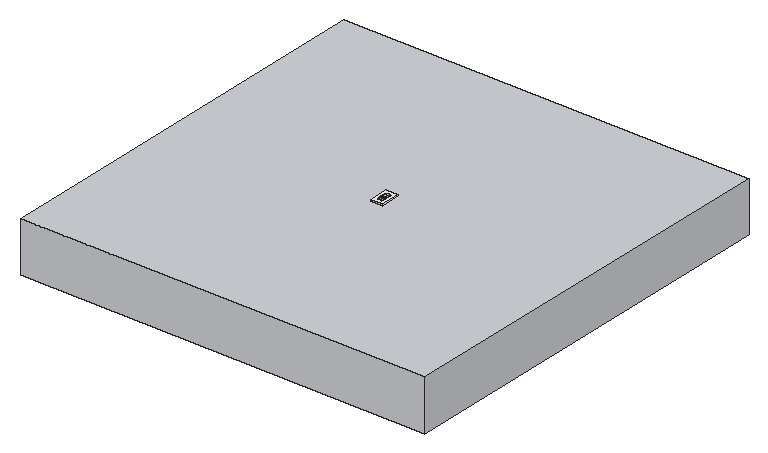
Revit family
Parameters (values of type "Standard")
  Wallstation Material = Plastic - Lutron - White
  Version = 1
  URL = "http://www.lutron.com"
  Series = "seeTouch"
  Product URL = "http://www.lutron.com/PRODUCTS/COMPONENTS/SEETOUCHWALLSTATION/Pages/Overview.aspx"
  Overall Width = 0' - 2 3/4"
  Overall Height = 0' - 4 9/16"
  Overall Depth = 0' - 1 3/8"
  Model = "SQA-3DN-WH-E01"
  Manufacturer Complete Model Number [instance] = ""
  Manufacturer = "Lutron Electronics"  # constant formula
  Label = "SC"
  Description = "Low Voltage 6 Button Wallstation for Dual Shades or 2 Group Applications"
  Default Elevation = 4' - 0"
  Copyright = "© 2010 Lutron Electronics Co., Inc."  # constant formula
  CADworks URL = "http://www.CADworks.net"
  Assembly Code = "D5020120"
Reference planes (in)
  plane 1 "Center (Front/Back)": y = 0
  plane 2: z = 0
  plane 3 "Center (Left/Right)": x = 0
  plane 4: x = -1.375
  plane 5: x = 1.375
  plane 6: y = 2.28125
  plane 7: y = -2.28125
  plane 8: z = 0.3125
  plane 9: z = -1.0625
  plane 10: z = -0.75
  plane 11: z = 0.4925
  plane 12: z = 0.4025
  plane 13: z = 0.5825
Forms (in)
  Extrusion 1, solid
    sketch origin (0, 0, 0) x (1, 0, 0) y (0, 1, 0)
      loop
        line (-48, 48) -> (-48, -48) -> (48, -48) -> (48, 48) -> (-48, 48)
    from 0 to -12
  Extrusion 2, solid, material "Plastic - Lutron - White" <- "Wallstation Material"
    sketch origin (0, 0, 0) x (1, 0, 0) y (0, 1, 0)
      loop
        line (-1.375, 2.28125) -> (-1.375, -2.28125) -> (1.375, -2.28125) -> (1.375, 2.28125) -> (-1.375, 2.28125)
    from 0 to 0.3125
  Extrusion 3, solid, material "Plastic - Lutron - White" <- "Wallstation Material", detail levels fine
    sketch origin (0, 0, 0) x (1, 0, 0) y (0, 1, 0)
      loop
        arc (-0.68031, 1.37) -> (-0.80737, 1.31737) -> (-0.86, 1.19031) r 0.17969
        line (-0.86, 1.19031) -> (-0.86, -1.19031)
        arc (-0.86, -1.19031) -> (-0.80737, -1.31737) -> (-0.68031, -1.37) r 0.17969
        line (-0.68031, -1.37) -> (0.68031, -1.37)
        arc (0.68031, -1.37) -> (0.80737, -1.31737) -> (0.86, -1.19031) r 0.17969
        line (0.86, -1.19031) -> (0.86, 1.19031)
        arc (0.86, 1.19031) -> (0.80737, 1.31737) -> (0.68031, 1.37) r 0.17969
        line (0.68031, 1.37) -> (-0.68031, 1.37)
    from -0.75 to 0
  Extrusion 4, solid, material "Plastic - Lutron - White" <- "Wallstation Material", detail levels fine
    sketch origin (0, 0, 0) x (1, 0, 0) y (0, 1, 0)
      loop
        line (0.1, 1.2) -> (0.1, 0.41) -> (0.71, 0.41) -> (0.71, 1.2) -> (0.1, 1.2)
      loop
        line (-0.02, -0.47) -> (-0.02, -1.06) -> (0.61, -1.06) -> (0.61, -0.47) -> (-0.02, -0.47)
    from -1.0625 to -0.75
  Extrusion 5, void
    sketch origin (0, 0, 0) x (1, 0, 0) y (0, 1, 0)
      loop
        line (-0.465, 0.16) -> (0.465, 0.16) -> (0.465, 1.19969) -> (-0.465, 1.19969) -> (-0.465, 0.16)
      loop
        line (-0.465, -1.19969) -> (0.465, -1.19969) -> (0.465, -0.16) -> (-0.465, -0.16) -> (-0.465, -1.19969)
    from 0.25 to 0.3125
  Extrusion 6, void
    sketch origin (0, 0, 0) x (0, 1, 0) y (0, 0, 1)
      loop
        arc (-0.16984, 0.42038) -> (0, 0.4925) -> (0.16984, 0.42038) r 0.23605
        arc (0.16984, 0.42038) -> (0.33969, 0.4925) -> (0.50953, 0.42038) r 0.23605
        arc (0.50953, 0.42038) -> (0.67937, 0.4925) -> (0.84922, 0.42038) r 0.23605
        arc (0.84922, 0.42038) -> (1.01906, 0.4925) -> (1.18891, 0.42038) r 0.23605
        line (1.18891, 0.42038) -> (1.30406, 0.42038) -> (1.30406, 0.6175) -> (-1.30406, 0.6175) -> (-1.30406, 0.42038) -> (-1.18891, 0.42038)
        arc (-1.18891, 0.42038) -> (-1.01906, 0.4925) -> (-0.84922, 0.42038) r 0.23605
        arc (-0.84922, 0.42038) -> (-0.67938, 0.4925) -> (-0.50953, 0.42038) r 0.23605
        arc (-0.50953, 0.42038) -> (-0.33969, 0.4925) -> (-0.16984, 0.42038) r 0.23605
    from -1.375 to 1.375
  Extrusion 7, solid, material "Plastic - Lutron - White" <- "Wallstation Material", detail levels medium+fine
    sketch origin (0, 1.02, 0) x (1, 0, 0) y (0, 1, 0)
      loop
        line (-0.44, 0.16) -> (-0.44, -0.16) -> (0.44, -0.16) -> (0.44, 0.16) -> (-0.44, 0.16)
      loop
        line (-0.44, -2.2) -> (0.44, -2.2) -> (0.44, -1.88) -> (-0.44, -1.88) -> (-0.44, -2.2)
      loop
        line (-0.44, -1.86) -> (0.44, -1.86) -> (0.44, -1.54) -> (-0.44, -1.54) -> (-0.44, -1.86)
      loop
        line (-0.44, -1.52) -> (0.44, -1.52) -> (0.44, -1.2) -> (-0.44, -1.2) -> (-0.44, -1.52)
      loop
        line (-0.44, -0.84) -> (0.44, -0.84) -> (0.44, -0.52) -> (-0.44, -0.52) -> (-0.44, -0.84)
      loop
        line (-0.44, -0.5) -> (0.44, -0.5) -> (0.44, -0.18) -> (-0.44, -0.18) -> (-0.44, -0.5)
    from 0.25 to 0.4925
  Extrusion 8, void
    sketch origin (0, 1.02, 0) x (1, 0, 0) y (0, 1, 0)
      loop
        circle (-0.34, 0) r 0.03125
      loop
        circle (-0.34, -2.04) r 0.03125
      loop
        circle (-0.34, -1.7) r 0.03125
      loop
        circle (-0.34, -1.36) r 0.03125
      loop
        circle (-0.34, -0.68) r 0.03125
      loop
        circle (-0.34, -0.34) r 0.03125
    from 0.4025 to 0.5825
Cuts and joins
  Extrusion 5 cuts Extrusion 2
  Extrusion 5 cuts Extrusion 3
  Extrusion 6, Extrusion 8 cuts Extrusion 7
Lines and regions (in)
  symbolic lines, detail levels fine
    curve 1: line (-1.375, 0, 0.3125) -> (1.375, 0, 0.3125)
    curve 2: line (-1.375, 0, 0) -> (-1.375, 0, 0.3125)
    curve 3: line (1.375, 0, 0.3125) -> (1.375, 0, 0)
    curve 4: line (-0.44, 0, 0.4925) -> (0.44, 0, 0.4925)
    curve 5: line (-0.44, 0, 0.3125) -> (-0.44, 0, 0.4925)
    curve 6: line (0.44, 0, 0.4925) -> (0.44, 0, 0.3125)
    curve 7: line (-1.375, 0, 0) -> (1.375, 0, 0)
Dimensions and locks (in)
  equal spacing: plane 4, plane 3 "Center (Left/Right)", plane 5
  "Overall Width": plane 4 to plane 5
  equal spacing: plane 7, plane 1 "Center (Front/Back)", plane 6
  "Overall Height": plane 6 to plane 7
  locked: plane 8 to plane 2 at 0.3125
  "Overall Depth": plane 8 to plane 9
  locked: plane 2 to plane 10 at 0.75
  locked: Extrusion 3 sketch curve to Extrusion 3 sketch curve at 1.72
  equal spacing: Extrusion 3 sketch curve, plane 3 "Center (Left/Right)", Extrusion 3 sketch curve
  locked: Extrusion 3 sketch curve to Extrusion 3 sketch curve at 2.74
  equal spacing: Extrusion 3 sketch curve, plane 1 "Center (Front/Back)", Extrusion 3 sketch curve
  locked: plane 1 "Center (Front/Back)" to Extrusion 4 sketch curve at 0.41
  locked: Extrusion 4 sketch curve to Extrusion 4 sketch curve at 0.79
  locked: Extrusion 4 sketch curve to plane 1 "Center (Front/Back)" at 0.47
  locked: Extrusion 4 sketch curve to Extrusion 4 sketch curve at 0.59
  locked: plane 3 "Center (Left/Right)" to Extrusion 4 sketch curve at 0.61
  locked: Extrusion 4 sketch curve to Extrusion 4 sketch curve at 0.63
  locked: plane 3 "Center (Left/Right)" to Extrusion 4 sketch curve at 0.71
  locked: Extrusion 4 sketch curve to Extrusion 4 sketch curve at 0.61
  locked: cut or joined group of Extrusion 2, Extrusion 5 to plane 9 at 1.3125
  locked: plane 11 to plane 8 at 0.18
  locked: plane 1 "Center (Front/Back)" to Extrusion 6 sketch curve at 0
  locked: Extrusion 6 sketch curve to plane 9 at 1.68
  locked: Extrusion 6 sketch curve to Extrusion 6 sketch curve at 2.60812
  equal spacing: Extrusion 6 sketch curve, plane 1 "Center (Front/Back)", Extrusion 6 sketch curve
  locked: Extrusion 6 sketch curve to plane 9 at 1.48288
  equal spacing: Extrusion 6 sketch curve, Extrusion 6 sketch curve, Extrusion 6 sketch curve, Extrusion 6 sketch curve, Extrusion 6 sketch curve, Extrusion 6 sketch curve, Extrusion 6 sketch curve, Extrusion 6 sketch curve
  plane 11 to Extrusion 6 sketch curve to Extrusion 6 sketch curve to Extrusion 6 sketch curve to Extrusion 6 sketch curve to Extrusion 6 sketch curve to Extrusion 6 sketch curve to Extrusion 6 sketch curve = 0' - 0" locked, 0' - 0" locked, 0' - 0" locked, 0' - 0" locked, 0' - 0" locked, 0' - 0" locked, 0' - 0" locked
  equal spacing: plane 11, Extrusion 8, plane 8
  equal spacing: Extrusion 8, plane 11, Extrusion 8
  equal spacing: plane 13, plane 11, plane 12
  locked: plane 12 to plane 13 at 0.18
  equal spacing: Extrusion 5 sketch curve, plane 3 "Center (Left/Right)", Extrusion 5 sketch curve
  locked: Extrusion 5 sketch curve to Extrusion 5 sketch curve at 0.93
  plane 7 to Extrusion 5 sketch curve to Extrusion 5 sketch curve = 0' - 2.44125" locked, 0' - 1.03969" locked
  plane 6 to Extrusion 5 sketch curve to Extrusion 5 sketch curve = 0' - 2.44125" locked, 0' - 1.03969" locked
  equal spacing: Extrusion 7 sketch curve, plane 3 "Center (Left/Right)", Extrusion 7 sketch curve
  locked: Extrusion 7 sketch curve to Extrusion 7 sketch curve at 0.88
  plane 7 to Extrusion 7 sketch curve to Extrusion 7 sketch curve to Extrusion 7 sketch curve to Extrusion 7 sketch curve to Extrusion 7 sketch curve to Extrusion 7 sketch curve = 0' - 2.46125" locked, 0' - 0.32" locked, 0' - 0.02" locked, 0' - 0.32" locked, 0' - 0.02" locked, 0' - 0.32" locked
  plane 6 to Extrusion 7 sketch curve to Extrusion 7 sketch curve to Extrusion 7 sketch curve to Extrusion 7 sketch curve to Extrusion 7 sketch curve to Extrusion 7 sketch curve = 0' - 2.46125" locked, 0' - 0.32" locked, 0' - 0.02" locked, 0' - 0.32" locked, 0' - 0.02" locked, 0' - 0.32" locked
  Extrusion 8 sketch curve to Extrusion 8 sketch curve to Extrusion 8 sketch curve to Extrusion 8 sketch curve to Extrusion 8 sketch curve to Extrusion 8 sketch curve to plane 5 = 0' - 0" locked, 0' - 0" locked, 0' - 0" locked, 0' - 0" locked, 0' - 0" locked, 0' - 1.715" locked
  plane 7 to Extrusion 8 sketch curve to Extrusion 8 sketch curve to Extrusion 8 sketch curve = 0' - 2.62125" locked, 0' - 0.34" locked, 0' - 0.34" locked
  plane 6 to Extrusion 8 sketch curve to Extrusion 8 sketch curve to Extrusion 8 sketch curve = 0' - 2.62125" locked, 0' - 0.34" locked, 0' - 0.34" locked
  radius of Extrusion 3 sketch curve = 0' - 0 23/128"  (x4)
  radius of Extrusion 8 sketch curve = 0' - 0 1/32"  (x6)
  aligned and locked: plane 2 to Extrusion 1
  aligned and locked: level to Extrusion 1
  aligned and locked: Extrusion 2 sketch curve to plane 6
  aligned and locked: plane 4 to Extrusion 2 sketch curve
  aligned and locked: Extrusion 2 sketch curve to plane 7
  aligned and locked: Extrusion 2 sketch curve to plane 5
  aligned and locked: Extrusion 2 to plane 2
  aligned and locked: plane 8 to Extrusion 2
  aligned and locked: Extrusion 3 to plane 10
  aligned and locked: plane 2 to Extrusion 3
  aligned and locked: Extrusion 4 to plane 9
  aligned and locked: plane 10 to Extrusion 4
  aligned and locked: plane 8 to cut or joined group of Extrusion 2, Extrusion 5
  aligned and locked: Extrusion 6 sketch curve to Extrusion 6 sketch curve
  aligned and locked: plane 4 to curve 2
  aligned and locked: curve 1 to plane 8
  aligned and locked: curve 3 to plane 5
  aligned and locked: curve 4 to plane 11
  aligned and locked: plane 11 to Extrusion 7
  aligned: Extrusion 8 to plane 8
  aligned and locked: Extrusion 7 sketch curve to Extrusion 7 sketch curve  (x10)
  aligned: plane 11 to Extrusion 8
  aligned and locked: Extrusion 8 to plane 13
  aligned and locked: plane 12 to Extrusion 8
  aligned and locked: Extrusion 5 sketch curve to Extrusion 5 sketch curve  (x2)
  aligned and locked: plane 5 to Extrusion 6
  aligned and locked: Extrusion 6 to plane 4
  aligned and locked: cut or joined group of Extrusion 2, Extrusion 5 to cut or joined group of Extrusion 6, Extrusion 7, Extrusion 8
  aligned and locked: plane 1 "Center (Front/Back)" to nested 1
  aligned and locked: plane 3 "Center (Left/Right)" to nested 1
  aligned and locked: curve 7 to plane 2
  aligned and locked: curve 5 to cut or joined group of Extrusion 6, Extrusion 7, Extrusion 8
  aligned and locked: curve 6 to cut or joined group of Extrusion 6, Extrusion 7, Extrusion 8
Automatic sketch dimensions
  Extrusion 1 sketch curve to Extrusion 1 sketch curve = 8' - 0"  (x2)
  Extrusion 6 sketch curve to Extrusion 6 sketch curve = 0' - 0.11516"
  Extrusion 6 sketch curve to plane 8 = 0' - 0.05605"  (x5)
  Extrusion 6 sketch curve to Extrusion 6 sketch curve = 0' - 0.16984"
Nested families (in)
  nested 1: "Switch Annotation" at (0, 0, 0), type "Switch Annotation", detail levels coarse+medium
Connectors (in)
  electrical at (0, 1.37, -0.375)
    settings: on cut or joined group of Extrusion 3, Extrusion 5, index 1, voltage 0 V, apparent load 0 VA, apparent load phase1 0 VA, apparent load phase2 0 VA, apparent load phase3 0 VA, power factor 1, load classification "Other", number of poles 1, system type 13, power factor state 1, is connector primary yes, connector utility no, sub classification motor no, connector description "Control Connection"
Definition of nested family "Switch Annotation"
  Parameters (values of type "Switch Annotation")
    Label = "LC"
  Reference planes (in)
    plane 1: y = 0
    plane 2: x = 0
  Lines and regions (in)
    detail lines
      curve 1: line (0, 0.125, 0) -> (0, 0, 0)
      curve 3: arc (0.01506, 0.11153, 0) -> (-0.02442, 0.09683, 0) -> (0, 0.0625, 0) r 0.02655
      curve 4: arc (0, 0.0625, 0) -> (0.01543, 0.02147, 0) -> (-0.02827, 0.02483, 0) r 0.02599
    reference lines
      curve 2: line (0, 0.0625, 0) -> (-0.11983, 0.0625, 0)
      curve 5: line (0.10095, -0.04722, 0) -> (0.10095, 0.09386, 0)
      curve 6: line (0.10095, -0.04722, 0) -> (0.28349, -0.04722, 0)
      curve 7: line (0.10095, 0.04579, 0) -> (0.31014, 0.04579, 0)
  Text (in)
    label "2" at (0.1048, 0.12997, 0), shows "Label"
  Dimensions and locks (in)
    locked: curve 6 to curve 7 at 0.09301
    locked: curve 1 to curve 5 at 0.10095
    locked: curve 1 to curve 1 at 0.125
    locked: plane 1 to curve 2 at 0.0625
    aligned and locked: curve 1 to curve 2
    aligned and locked: curve 3 to curve 2
    aligned and locked: curve 4 to curve 2
    aligned and locked: plane 1 to curve 1
    aligned and locked: curve 1 to plane 2
    aligned and locked: plane 2 to curve 1
